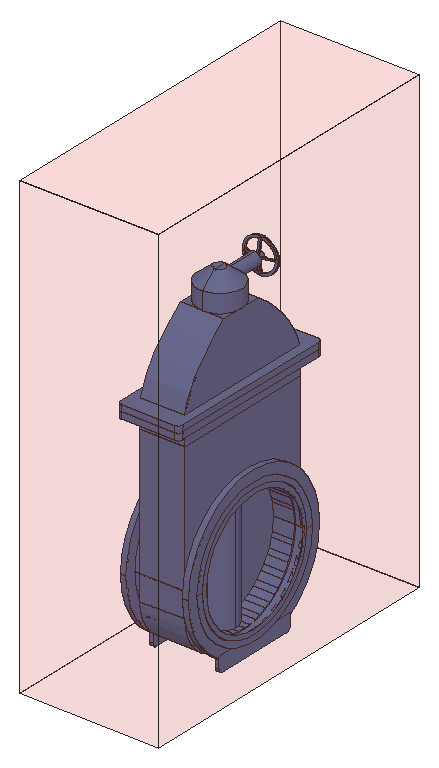
Revit family "Поли-Групп_ЗадвижкаКлиноваяEAZ-EК-F4_DN1000-1200", category Арматура трубопроводов, Revit 2019
Family settings
  Размер круглого соединителя = Использовать диаметр
  Тип детали = Клапан - Вставляется
  На основе рабочей плоскости = Нет
  Всегда вертикально = Да
  При загрузке вырезать с полостями = Нет
  Общий = Нет
Parameters (values of type "Загрузите типоразмеры из каталог семейств")
  с = H1 - D * 0.5  # 0.5 mm
  Тип присоединения = "Фланцевое"  # constant formula
  Тип привода = "Редуктор"  # constant formula
  Температура рабочей среды = "0 до +70°С"  # constant formula
  ТВ = "Поли-Групп_ЗадвижкаКлиноваяEAZ-EК-F4_DN1000-1200"  # constant formula
  Срок службы = "50 лет"  # constant formula
  Сервисная зона_Вкл_Выкл [instance] = yes
  Разработчик = "https://3dbim.pro/"
  Рабочая среда = "Техническая вода, канализационные стоки, морская вода"  # constant formula
  Покрытие = "Высококачественное эпоксидное покрытие толщиной 300 мкм"  # constant formula
  Корпус_Глубина = A * 0.8  # 1300 mm
  R1 = R * 10  # 430 mm
  L1 = size_lookup(ТВ, "L1", 500 mm, DN, PN)  # 800 mm
  D1 = size_lookup(ТВ, "D1", 340 mm, DN, PN)  # 1380 mm
  A = size_lookup(ТВ, "A", 340 mm, DN, PN)  # 1625 mm
  l3 = L * 0.9  # 567 mm
  Назначение = "Для установки в качестве запорного устройства на трубопроводах"  # constant formula
  Материал уплотнителя = "PTFE"  # constant formula
  Материал Диска = "Высокопрочный чугун с шаровидным графитом (GGG-40)"  # constant formula
  d1 = DN / 4  # 300 mm
  Класс герметичности = "А по ГОСТ Р 9544-2015"  # constant formula
  Manufacturer = ""
  h2 = H2 * 0.6  # 1376.4 mm
  Габаритные размеры = size_lookup(ТВ, "Габаритные размеры", "нет данных", DN, PN)  # "1485х630х3037"
  t = h2 * 0.1  # 137.64 mm
  l2 = L * 0.65  # 409.5 mm
  l1 = L * 0.6  # 378 mm
  b = size_lookup(ТВ, "b", 20 mm, DN, PN)  # 57 mm
  PN = 10.0 bar
  H1 = size_lookup(ТВ, "H1", 40 mm, DN, PN)  # 743 mm
  D2 = size_lookup(ТВ, "D2", 295 mm, DN, PN)  # 1112 mm
  f = size_lookup(ТВ, "f", 3 mm, DN, PN)  # 5 mm
  URL = ""
  R = size_lookup(ТВ, "R", 40 mm, DN, PN)  # 43 mm
  L = size_lookup(ТВ, "L", 500 mm, DN, PN)  # 630 mm
  Kv = size_lookup(ТВ, "Kv", 1.0 m³/h, DN, PN)  # 1.0 m³/h
  H2 = size_lookup(ТВ, "H2", 250 mm, DN, PN)  # 2294 mm
  D_Наружный = DN + 9 mm  # 1209 mm
  DN = 1200 mm
  D = size_lookup(ТВ, "D", 340 mm, DN, PN)  # 1485 mm
  ADSK_Расход жидкости [instance] = 0.0 m³/h
  ADSK_Примечание = ""
  ADSK_Потеря давления жидкости [instance] = (ADSK_Расход жидкости / Kv) ^ 2 * 1.0 bar  # 0.0 bar
  ADSK_Позиция = ""
  ADSK_Обозначение = ""
  ADSK_Наименование краткое = size_lookup(ТВ, "ADSK_Наименование краткое", "нет данных", DN, PN)  # "Задвижка клиновая EAZ EK F4 DN1200 PN10"
  ADSK_Наименование = size_lookup(ТВ, "ADSK_Наименование", "нет данных", DN, PN)  # "Задвижка с обрезиненным клином EAZ EK F4 для воды с мягким уплотнением фланцевая DN1200 PN10"
  ADSK_Материал наименование = "Высокопрочный чугун с шаровидным графитом (GGG-40)"  # constant formula
  ADSK_Материал = Высокопрочный чугун GGG-40
  ADSK_Масса_Текст = size_lookup(ТВ, "ADSK_Масса_Текст", "нет данных", DN, PN)  # "4660"
  ADSK_Масса = size_lookup(ТВ, "ADSK_Масса", 0, DN)  # 4660
  ADSK_Марка = size_lookup(ТВ, "ADSK_Код изделия", "нет данных", DN, PN)  # "EAZ-GV-4-F4 DN1200 PN10"
  ADSK_Количество = 1  # constant formula
  ADSK_Код изделия = ""
  ADSK_Завод-изготовитель = "ООО ПК «Поли-Групп»"  # constant formula
  ADSK_Единица измерения = "шт"  # constant formula
  ADSK_Версия Revit = "2019"  # constant formula
  ADSK_URL страницы изделия = "https://www.polycorr.ru/"
Reference planes
  plane 1 "По центру (Вперед/Назад)": y = 0
  plane 2: z = 0
  plane 3 "По центру (Влево/Вправо)": x = 0
  plane 4: y = 600
  plane 5: y = -600
  plane 6: x = -315
  plane 7: x = 315
  plane 8: x = -154
  plane 9: x = 154
  plane 10: y = 556
  plane 11: y = -556
  plane 12: y = 650
  plane 13: y = -650
  plane 14 "Корпус": z = 1376.4
  plane 15: z = 1319.4
  plane 16: z = 1181.76
  plane 17: x = -204.75
  plane 18: x = 204.75
  plane 19: x = -189
  plane 20: x = 189
  plane 21: y = 812.5
  plane 22: y = -812.5
  plane 23: x = 283.5
  plane 24: x = -283.5
  plane 25: y = 650
  plane 26: y = -650
  plane 27: x = -5
  plane 28: x = 5
  plane 29: z = 600
  plane 30: z = -600
  plane 31 "Штурвал": z = 2294
  plane 32: y = -400
  plane 33: y = 400
  plane 34: z = -743
Forms (mm)
  Revolve 1, solid, material "Высокопрочный чугун GGG-40" <- "ADSK_Материал", detail levels fine
    sketch origin (0, 0, 0) x (1, 0, 0) y (0, 1, 0)
      loop
        line (-315, 650) -> (-315, 0) -> (315, 0) -> (315, 650) -> (-315, 650)
      axis (-315, 0) -> (315, 0)
    angle from 0 to 360
  Extrusion 2, solid, material "Высокопрочный чугун GGG-40" <- "ADSK_Материал", detail levels fine
    sketch origin (-117.677, -1524, 1319.4) x (-1, 0, 0) y (0, -1, 0)
      loop
        arc (122.823, -2336.5) -> (153.228, -2323.906) -> (165.823, -2293.5) r 43
        line (165.823, -2293.5) -> (165.823, -754.5)
        arc (165.823, -754.5) -> (153.228, -724.094) -> (122.823, -711.5) r 43
        line (122.823, -711.5) -> (-358.177, -711.5)
        arc (-358.177, -711.5) -> (-388.583, -724.094) -> (-401.177, -754.5) r 43
        line (-401.177, -754.5) -> (-401.177, -2293.5)
        arc (-401.177, -2293.5) -> (-388.583, -2323.906) -> (-358.177, -2336.5) r 43
        line (-358.177, -2336.5) -> (122.823, -2336.5)
    from 0 to 57
  Extrusion 3, solid, material "Высокопрочный чугун GGG-40" <- "ADSK_Материал", detail levels fine
    sketch origin (-117.677, -1524, 1181.76) x (-1, 0, 0) y (0, -1, 0)
      loop
        line (87.073, -874) -> (-322.427, -874) -> (-322.427, -2174) -> (87.073, -2174) -> (87.073, -874)
    from 0 to 137.64
  Extrusion 4, void
    sketch origin (-154, 168.089, 1200) x (0, -1, 0) y (0, 0, 1)
      loop
        circle (168.089, -1200) r 600
    from 161 to -469
  Extrusion 5, solid, material "Высокопрочный чугун GGG-40" <- "ADSK_Материал", detail levels fine
    sketch origin (0, 0, 0) x (0, 1, 0) y (0, 0, 1)
      loop
        circle (0, 0) r 600
    from -5 to 5
  Extrusion 6, solid, material "Высокопрочный чугун GGG-40" <- "ADSK_Материал", detail levels fine
    sketch origin (0, 0, 0) x (1, 0, 0) y (0, 1, 0)
      loop
        circle (0, 0) r 150
    from -600 to 600
  Extrusion 7, solid, material "Высокопрочный чугун GGG-40" <- "ADSK_Материал", detail levels fine
    sketch origin (0, 0, 0) x (0, 1, 0) y (0, 0, 1)
      loop
        line (-650, 1181.76) -> (-650, -225)
        arc (-650, -225) -> (-524.056, -529.056) -> (-220, -655) r 430
        line (-220, -655) -> (220, -655)
        arc (220, -655) -> (524.056, -529.056) -> (650, -225) r 430
        line (650, -225) -> (650, 1181.76) -> (-650, 1181.76)
    from -204.75 to 204.75
  Extrusion 8, solid, material "Высокопрочный чугун GGG-40" <- "ADSK_Материал", detail levels fine
    sketch origin (0, 0, 0) x (0, 1, 0) y (0, 0, 1)
      loop
        arc (360, -743) -> (388.284, -731.284) -> (400, -703) r 40
        line (400, -703) -> (400, -600) -> (-400, -600) -> (-400, -703)
        arc (-400, -703) -> (-388.284, -731.284) -> (-360, -743) r 40
        line (-360, -743) -> (360, -743)
    from 315 to 283.5
  Extrusion 9, solid, material "Высокопрочный чугун GGG-40" <- "ADSK_Материал", detail levels fine
    sketch origin (0, 0, 0) x (0, 1, 0) y (0, 0, 1)
      loop
        line (-400, -600) -> (-400, -703)
        arc (-400, -703) -> (-388.284, -731.284) -> (-360, -743) r 40
        line (-360, -743) -> (360, -743)
        arc (360, -743) -> (388.284, -731.284) -> (400, -703) r 40
        line (400, -703) -> (400, -600) -> (-400, -600)
    from -283.5 to -315
Cuts and joins
  Extrusion 4 cuts Revolve 1
  Extrusion 4 cuts Extrusion 7
Dimensions and locks
  equal spacing: plane 4, plane 1 "По центру (Вперед/Назад)", plane 5
  "DN": plane 4 to plane 5
  equal spacing: plane 10, plane 1 "По центру (Вперед/Назад)", plane 11
  "D2": plane 10 to plane 11
  equal spacing: plane 12, plane 1 "По центру (Вперед/Назад)", plane 13
  "Корпус_Глубина": plane 12 to plane 13
  "b": plane 14 "Корпус" to plane 15
  "h2": plane 14 "Корпус" to plane 2
  equal spacing: plane 19, plane 3 "По центру (Влево/Вправо)", plane 20
  "l1": plane 19 to plane 20
  equal spacing: plane 17, plane 3 "По центру (Влево/Вправо)", plane 18
  "l2": plane 17 to plane 18
  equal spacing: plane 21, plane 1 "По центру (Вперед/Назад)", plane 22
  "A": plane 21 to plane 22
  equal spacing: plane 24, plane 3 "По центру (Влево/Вправо)", plane 23
  "l3": plane 24 to plane 23
  "Корпус_Глубина": plane 25 to plane 26
  equal spacing: plane 26, plane 1 "По центру (Вперед/Назад)", plane 25
  equal spacing: plane 28, plane 3 "По центру (Влево/Вправо)", plane 27
  locked: plane 28 to plane 3 "По центру (Влево/Вправо)" at 5
  "t": plane 15 to plane 16
  equal spacing: plane 29, level, plane 30
  "DN": plane 29 to plane 30
  "H2": plane 31 "Штурвал" to level
  equal spacing: plane 6, nested 3, plane 7
  "L": plane 6 to plane 7
  equal spacing: plane 6, plane 3 "По центру (Влево/Вправо)", plane 7
  equal spacing: plane 32, plane 1 "По центру (Вперед/Назад)", plane 33
  "L1": plane 32 to plane 33
  "H1": level to plane 34
  "R": radius of Extrusion 2 sketch curve  (x4)
  "DN": diameter of Extrusion 4 sketch curve
  "DN": diameter of Extrusion 5 sketch curve
  "d1": diameter of Extrusion 6 sketch curve
  "R1": radius of Extrusion 7 sketch curve  (x2)
  radius of Extrusion 8 sketch curve = 40 mm  (x2)
  radius of Extrusion 9 sketch curve = 40 mm  (x2)
  aligned and locked: level to plane 2
  aligned and locked: Revolve 1 sketch curve to plane 12
  aligned and locked: plane 1 "По центру (Вперед/Назад)" to Revolve 1 sketch curve
  aligned and locked: Extrusion 2 sketch curve to plane 21
  aligned and locked: Extrusion 2 sketch curve to plane 24
  aligned and locked: Extrusion 2 sketch curve to plane 22
  aligned and locked: Extrusion 2 sketch curve to plane 23
  aligned and locked: plane 14 "Корпус" to Extrusion 2
  aligned and locked: plane 26 to Extrusion 3 sketch curve
  aligned and locked: Extrusion 3 sketch curve to plane 17
  aligned and locked: Extrusion 3 sketch curve to plane 25
  aligned and locked: Extrusion 3 sketch curve to plane 18
  aligned and locked: Revolve 1 sketch curve to plane 1 "По центру (Вперед/Назад)"
  aligned and locked: nested 1 to plane 1 "По центру (Вперед/Назад)"
  aligned and locked: plane 1 "По центру (Вперед/Назад)" to nested 2
  aligned and locked: Extrusion 5 to plane 27
  aligned and locked: Extrusion 5 to plane 28
  aligned and locked: Extrusion 3 to plane 15
  aligned and locked: Extrusion 6 to plane 30
  aligned and locked: plane 29 to Extrusion 6
  aligned and locked: plane 1 "По центру (Вперед/Назад)" to nested 3
  aligned and locked: plane 7 to nested 2
  aligned and locked: Revolve 1 sketch curve to plane 7
  aligned and locked: cut or joined group of Revolve 1, Extrusion 4 to plane 6
  aligned and locked: Extrusion 4 to plane 6
  aligned and locked: plane 7 to Extrusion 4
  aligned and locked: nested 1 to plane 6
  aligned and locked: plane 3 "По центру (Влево/Вправо)" to nested 4
  aligned and locked: plane 1 "По центру (Вперед/Назад)" to nested 4
  aligned and locked: nested 4 to level
  aligned and locked: plane 3 "По центру (Влево/Вправо)" to nested 5
  aligned and locked: nested 5 to level
  aligned and locked: plane 3 "По центру (Влево/Вправо)" to nested 6
  aligned and locked: Extrusion 7 sketch curve to Extrusion 3  (x2)
  aligned and locked: Extrusion 7 sketch curve to plane 12
  aligned and locked: Extrusion 7 to plane 17
  aligned and locked: Extrusion 7 to plane 18
  aligned and locked: plane 34 to Extrusion 8 sketch curve
  aligned and locked: plane 32 to Extrusion 8 sketch curve
  aligned and locked: Extrusion 8 sketch curve to plane 33
  aligned and locked: Extrusion 8 sketch curve to Extrusion 6
  aligned and locked: Extrusion 9 sketch curve to plane 30
  aligned and locked: plane 32 to Extrusion 9 sketch curve
  aligned and locked: plane 34 to Extrusion 9 sketch curve
  aligned and locked: plane 33 to Extrusion 9 sketch curve
  aligned and locked: Extrusion 8 to plane 23
  aligned and locked: Extrusion 9 to plane 24
  aligned and locked: Extrusion 9 to plane 6
  aligned and locked: plane 7 to Extrusion 8
Automatic sketch dimensions
  Revolve 1 sketch curve to plane 6 = 14 mm
  Revolve 1 sketch curve to plane 7 = 5 mm
  Revolve 1 sketch curve to plane 6 = 0 mm
  Extrusion 8 sketch curve to plane 30 = 0 mm
  Extrusion 4 sketch curve to level = 0 mm
  Extrusion 4 sketch curve to plane 1 "По центру (Вперед/Назад)" = 0 mm
  Extrusion 5 sketch curve to level = 0 mm
  Extrusion 5 sketch curve to plane 1 "По центру (Вперед/Назад)" = 0 mm
  plane 1 "По центру (Вперед/Назад)" to Extrusion 6 sketch curve = 0 mm
  Extrusion 6 sketch curve to plane 3 "По центру (Влево/Вправо)" = 0 mm
  Extrusion 7 sketch curve to level = 225 mm
Nested families
  nested 1: "Вл_Фланец" at (-258, 0, 0) x (-1, 0, 0) z (0, 0, 1), type "Вл_Фланец", detail levels fine
    with D2 1112 mm, D 1485 mm, b 57 mm, DN 1200 mm
  nested 2: "Вл_Фланец" at (258, 0, 0), type "Вл_Фланец", detail levels fine
    with D2 1112 mm, D 1485 mm, b 57 mm, DN 1200 mm
  nested 3: "Вл_КрышкаКорпусаРедукторEAZ-EK" at (0, 0, 1376.4), type "Вл_КрышкаКорпусаРедукторEAZ-EK", detail levels fine
    with Редуктор_Длина 396.9 mm, Редуктор_Высота 114.7 mm, Крышка_Ширина 396.9 mm, Крышка_Глубина 1300 mm, Редуктор_Вал_r1 198.45 mm, l3 567 mm, h2 1376.4 mm, A 1625 mm, Крышка_Высота 642.32 mm, КрышкаКорпуса_Высота 802.9 mm, Верх_Глубина 23.814 mm, b 57 mm, R 43 mm, L 630 mm, H2 2294 mm, Редуктор_Вал_r2 119.07 mm, DN 1200 mm, D 1485 mm
  nested 4: "УГО_АТ_Задвижка" at (-0.685, 0, 0) x (1, 0, 0) z (0, -1, 0), type "УГО_АТ_Задвижка", detail levels coarse+medium
    with УГО_Длина 630 mm, b 181.865 mm
  nested 5: "УГО_ЭУ_Задвижка" at (0, 0, 0) x (1, 0, 0) z (0, -1, 0), type "УГО_ЭУ_Задвижка", detail levels coarse+medium
    with УГО_Длина 630 mm, b 181.865 mm
  nested 6: "Вл_СервиснаяЗона" at (0, 0, -19.073), visible <- "Сервисная зона_Вкл_Выкл", ВысотаНадОсью <- "H2", ВысотаПодОсью <- "H1", Длина <- "L", ДиаметрФланца <- "D", type "Вл_СервиснаяЗона", detail levels fine
    with СЗ_ШиринаНазад 1485 mm, СЗ_ШиринаВперед 1485 mm, СЗ_Длина 1260 mm, СЗ_ВысотаПодОсью 743 mm, СЗ_ВысотаНадОсью 3441 mm, Длина 630 mm, ДиаметрФланца 1485 mm, ВысотаПодОсью 743 mm, ВысотаНадОсью 2294 mm, on_off yes
Connectors
  piping at (315, 0, 0), diameter 1200, driven by "DN", driven by "ADSK_Расход жидкости"
    settings: on cut or joined group of Revolve 1, Extrusion 4, index 1, connector inside diameter 609.6 mm, connector length 0 mm, flow factor 0, pipe flow 0.0 m³/h, pressure drop 0.0 bar, fitting loss kfactor 0, connector angle 0.00°, fixture units 0, engagement length 0 mm, angle of deflection 0.00°, flow configuration 0, flow direction 0, fitting loss method 0, system type 29, joint type 0, gender type 0, connector reference index 2, connector utility 0, adjustable connector no, is connector primary yes, connector description ""
  piping at (-315, 0, 0), diameter 1200, driven by "DN", driven by "ADSK_Расход жидкости", driven by "ADSK_Потеря давления жидкости"
    settings: on cut or joined group of Revolve 1, Extrusion 4, index 2, connector inside diameter 609.6 mm, connector length 0 mm, flow factor 0, pipe flow 0.0 m³/h, pressure drop 0.0 bar, fitting loss kfactor 0, connector angle 0.00°, fixture units 0, engagement length 0 mm, angle of deflection 0.00°, flow configuration 0, flow direction 0, fitting loss method 4, system type 29, joint type 0, gender type 0, connector reference index 1, connector utility 0, adjustable connector no, is connector primary no, connector description ""
Definition of nested family "Вл_Фланец"
  Parameters (values of type "Вл_Фланец")
    Материал = none
    Manufacturer = ""
    D2 = 682 mm
    f = 5 mm
    URL = ""
    D = 780 mm
    b = 36 mm
    DN = 600 mm
  Reference planes
    plane 1 "По центру (Вперед/Назад)": y = 0
    plane 2: z = 0
    plane 3 "По центру (Влево/Вправо)": x = 0
    plane 4: x = 31
    plane 5: x = 36
  Forms (mm)
    Extrusion 1, solid, material <- "Материал"
      sketch origin (0, 0, 0) x (0, 1, 0) y (0, 0, 1)
        loop
          circle (0, 1.343) r 390
        loop
          circle (0, 0) r 300
      from 0 to 31
    Extrusion 2, solid, material <- "Материал"
      sketch origin (31, 232.183, 1200) x (0, 1, 0) y (0, 0, 1)
        loop
          circle (-232.183, -1200) r 341
        loop
          circle (-232.183, -1200) r 300
      from 0 to 5
  Dimensions and locks
    "f": plane 4 to plane 5
    "b": plane 3 "По центру (Влево/Вправо)" to plane 5
    "D": diameter of Extrusion 1 sketch curve
    "DN": diameter of Extrusion 1 sketch curve
    "DN": diameter of Extrusion 2 sketch curve
    "D2": diameter of Extrusion 2 sketch curve
    aligned and locked: level to plane 2
    aligned and locked: Extrusion 1 to plane 4
    aligned and locked: Extrusion 2 to plane 5
  Automatic sketch dimensions
    Extrusion 1 sketch curve to level = 0 mm
    Extrusion 1 sketch curve to plane 1 "По центру (Вперед/Назад)" = 0 mm  (x2)
    level to Extrusion 1 sketch curve = 1.343 mm
    Extrusion 2 sketch curve to Extrusion 2 sketch curve = 0 mm  (x2)
    Extrusion 2 sketch curve to level = 0 mm
    Extrusion 2 sketch curve to plane 1 "По центру (Вперед/Назад)" = 0 mm
Definition of nested family "Вл_КрышкаКорпусаРедукторEAZ-EK"
  Parameters (values of type "Вл_КрышкаКорпусаРедукторEAZ-EK")
    Штурвал_Высота = DO * 0.25  # 80 mm
    Редуктор_Длина = Редуктор_Вал_r1 * 2  # 346.5 mm
    Редуктор_Высота = H2 * 0.05  # 91.25 mm
    Крышка_Ширина = l3 * 0.7  # 346.5 mm
    Крышка_Глубина = A * 0.8  # 1174.4 mm
    ТВ = "Поли-Групп_ЗадвижкаКлиноваяEAZ-EК-F4_DN1000-1200"  # constant formula
    Редуктор_Вал_r1 = Крышка_Ширина * 0.5  # 173.25 mm
    l3 = L * 0.9  # 495 mm
    Default Elevation = 1219.2 mm
    Материал = none
    h2 = 1095 mm
    Manufacturer = ""
    PN = 10.0 bar
    A = size_lookup(ТВ, "A", 500 mm, DN, PN)  # 1468 mm
    Крышка_Высота = КрышкаКорпуса_Высота * 0.8  # 511 mm
    КрышкаКорпуса_Высота = H2 - h2 - Редуктор_Высота  # 638.75 mm
    Верх_Глубина = Редуктор_Вал_r2 / 5  # 20.79 mm
    b = size_lookup(ТВ, "b", 20 mm, DN, PN)  # 50 mm
    URL = ""
    R = size_lookup(ТВ, "R", 40 mm, DN, PN)  # 39 mm
    L = size_lookup(ТВ, "L", 500 mm, DN, PN)  # 550 mm
    H2 = size_lookup(ТВ, "H2", 250 mm, DN, PN)  # 1825 mm
    Редуктор_Вал_r2 = Крышка_Ширина * 0.3  # 103.95 mm
    DO = 320 mm  # constant formula
    DN = 1000 mm
    D = size_lookup(ТВ, "D", 340 mm, DN, PN)  # 1255 mm
  Reference planes
    plane 1 "По центру (Вперед/Назад)": y = 0
    plane 2: z = 0
    plane 3 "По центру (Влево/Вправо)": x = 0
    plane 4: y = 734
    plane 5: y = -734
    plane 6: x = 247.5
    plane 7: x = -247.5
    plane 8: z = 50
    plane 9: x = 46.6
    plane 10: x = -46.6
    plane 11: y = 64.5
    plane 12 "1": y = -55
    plane 13: z = 511
    plane 14 "ШляпаНиз2": y = 587.2
    plane 15 "ШляпаНиз1": y = -587.2
    plane 16: x = 173.25
    plane 17: x = -173.25
    plane 18: x = 51.975
    plane 19: x = -51.975
    plane 20: y = 173.25
    plane 21: y = -173.25
    plane 22: z = 638.75
    plane 23: z = 255.5
    plane 24: z = 119.481
    plane 25 "Штурвал2": z = 730
    plane 26 "Штурвал": y = 346.5
    plane 27: z = 684.375
  Forms (mm)
    Extrusion 1, solid, material <- "Материал"
      sketch origin (0, 0, 0) x (1, 0, 0) y (0, 1, 0)
        loop
          arc (-208.5, 734) -> (-236.077, 722.577) -> (-247.5, 695) r 39
          line (-247.5, 695) -> (-247.5, -695)
          arc (-247.5, -695) -> (-236.077, -722.577) -> (-208.5, -734) r 39
          line (-208.5, -734) -> (208.5, -734)
          arc (208.5, -734) -> (236.077, -722.577) -> (247.5, -695) r 39
          line (247.5, -695) -> (247.5, 695)
          arc (247.5, 695) -> (236.077, 722.577) -> (208.5, 734) r 39
          line (208.5, 734) -> (-208.5, 734)
      from 0 to 50
    Extrusion 2, solid, material <- "Материал"
      sketch origin (0, 0, 0) x (0, 1, 0) y (0, 0, 1)
        loop
          spline (-173.25, 511) -> (-226.966, 475.224) -> (-277.187, 438.968) -> (-323.914, 402.232) -> (-367.146, 365.016) -> (-406.884, 327.319) -> (-443.127, 289.143) -> (-475.876, 250.486) -> (-505.13, 211.349) -> (-530.889, 171.732) -> (-553.154, 131.635) -> (-571.924, 91.057) -> (-587.2, 50)
          line (-587.2, 50) -> (587.2, 50)
          spline (587.2, 50) -> (571.924, 91.057) -> (553.154, 131.635) -> (530.889, 171.732) -> (505.13, 211.349) -> (475.876, 250.486) -> (443.127, 289.143) -> (406.884, 327.319) -> (367.146, 365.016) -> (323.914, 402.232) -> (277.187, 438.968) -> (226.966, 475.224) -> (173.25, 511)
          line (173.25, 511) -> (-173.25, 511)
      from -173.25 to 173.25
    Revolve 3, solid, material <- "Материал"
      sketch origin (0, 0, 0) x (0, 1, 0) y (0, 0, 1)
        loop
          line (-173.25, 511) -> (0, 511) -> (0, 730) -> (-55, 730) -> (-173.25, 638.75) -> (-173.25, 511)
        axis (0, 511) -> (0, 730)
      angle from 0 to 360
    Revolve 4, solid, material <- "Материал"
      sketch origin (0, 0, 0) x (0, 1, 0) y (0, 0, 1)
        loop
          line (0, 638.75) -> (346.5, 638.75) -> (346.5, 684.375) -> (0, 684.375) -> (0, 638.75)
        axis (346.5, 638.75) -> (0, 638.75)
      angle from 0 to 360
  Dimensions and locks
    equal spacing: plane 7, plane 3 "По центру (Влево/Вправо)", plane 6
    "l3": plane 7 to plane 6
    equal spacing: plane 4, plane 1 "По центру (Вперед/Назад)", plane 5
    "A": plane 4 to plane 5
    "b": plane 8 to plane 2
    "Крышка_Высота": plane 13 to plane 2
    equal spacing: plane 17, plane 3 "По центру (Влево/Вправо)", plane 16
    "Крышка_Ширина": plane 17 to plane 16
    equal spacing: plane 14 "ШляпаНиз2", plane 1 "По центру (Вперед/Назад)", plane 15 "ШляпаНиз1"
    "Крышка_Глубина": plane 14 "ШляпаНиз2" to plane 15 "ШляпаНиз1"
    equal spacing: plane 20, plane 1 "По центру (Вперед/Назад)", plane 21
    equal spacing: plane 19, plane 3 "По центру (Влево/Вправо)", plane 18
    "Крышка_Ширина": plane 20 to plane 21
    "Редуктор_Вал_r2": plane 19 to plane 18
    "КрышкаКорпуса_Высота": plane 22 to plane 2
    "Редуктор_Высота": plane 25 "Штурвал2" to plane 22
    equal spacing: plane 13, plane 23, level
    "Редуктор_Длина": plane 1 "По центру (Вперед/Назад)" to plane 26 "Штурвал"
    equal spacing: plane 25 "Штурвал2", plane 27, plane 22
    "R": radius of Extrusion 1 sketch curve  (x4)
    aligned and locked: level to plane 2
    aligned and locked: Extrusion 1 sketch curve to plane 4
    aligned and locked: plane 7 to Extrusion 1 sketch curve
    aligned and locked: plane 5 to Extrusion 1 sketch curve
    aligned and locked: Extrusion 1 sketch curve to plane 6
    aligned and locked: Extrusion 1 to plane 8
    aligned and locked: Extrusion 2 sketch curve to plane 13
    aligned and locked: plane 14 "ШляпаНиз2" to Extrusion 2 sketch curve
    aligned and locked: plane 15 "ШляпаНиз1" to Extrusion 2 sketch curve
    aligned and locked: Extrusion 2 to plane 8
    aligned and locked: plane 17 to Extrusion 2
    aligned and locked: plane 16 to Extrusion 2
    aligned and locked: plane 21 to Extrusion 2 sketch curve
    aligned and locked: plane 20 to Extrusion 2 sketch curve
    aligned and locked: plane 13 to Extrusion 2 sketch curve
    aligned and locked: Revolve 3 sketch curve to plane 1 "По центру (Вперед/Назад)"  (x2)
    aligned and locked: plane 25 "Штурвал2" to Revolve 3 sketch curve
    aligned and locked: plane 21 to Revolve 3 sketch curve  (x2)
    aligned and locked: plane 22 to Revolve 3 sketch curve
    aligned and locked: plane 12 "1" to Revolve 3 sketch curve
    aligned and locked: plane 22 to Revolve 4 sketch curve
    aligned and locked: Revolve 4 sketch curve to Revolve 3
    aligned and locked: plane 1 "По центру (Вперед/Назад)" to Revolve 4 sketch curve
    aligned and locked: Revolve 4 sketch curve to plane 26 "Штурвал"
    aligned and locked: plane 26 "Штурвал" to Revolve 4 sketch curve
    aligned and locked: plane 27 to Revolve 4 sketch curve
    aligned and locked: nested 1 to plane 26 "Штурвал"
    aligned and locked: plane 22 to nested 1
  Automatic sketch dimensions
    Extrusion 2 sketch curve to plane 8 = 0 mm
    Revolve 3 sketch curve to plane 13 = 0 mm
    Revolve 3 sketch curve to Revolve 3 sketch curve = 120 mm
    Revolve 3 sketch curve to Revolve 3 sketch curve = 155.98 mm
    plane 21 to Revolve 4 sketch curve = 45.45 mm
    Revolve 4 sketch curve to plane 14 "ШляпаНиз2" = 115 mm
  Nested families
    nested 1: "Вл_Штурвал" at (0, 346.5, 638.75) x (1, 0, 0) z (0, 1, 0), type "Вл_Штурвал"
  Definition of nested family "Вл_Штурвал"
    Parameters (values of type "Вл_Штурвал")
      Штурвал_Осьd = DO - Штурвал_КольцоШирина  # 300.8 mm
      Штурвал_Высота = DO * 0.25  # 80 mm
      Штурвал_КольцоШирина = DO * 0.06  # 19.2 mm
      Держалка_Ширина/2 = Держалка_Ширина * 0.5  # 8 mm
      Держалка_Ширина = Штурвал_КольцоШирина / 1.2  # 16 mm
      Держалка_d = Штурвал_Осьd - Штурвал_КольцоШирина * 1.5  # 272 mm
      Держалка_Отступ = Штурвал_Стойка_D * 0.1  # 3.2 mm
      Default Elevation = 1219.2 mm
      Материал_Штурвал = none
      Manufacturer = ""
      Штурвал_ВнКольцоВысота = Штурвал_ВнКольцо_r * 1.2  # 38.4 mm
      Штурвал_ВнВысота = Штурвал_Высота * 0.65  # 52 mm
      DO = 320 mm
      URL = ""
      Штурвал_Скруглений_r = Штурвал_КольцоШирина * 0.33  # 6.336 mm
      Штурвал_ВнКольцо_r = DO * 0.1  # 32 mm
      Штурвал_Стойка_D = Штурвал_Высота * 0.4  # 32 mm
      D_Гайка = Штурвал_ВнКольцо_r / 1.5  # 21.333 mm
      DN = 300 mm
    Reference planes
      plane 1 "По центру (Вперед/Назад)": y = 0
      plane 2: z = 0
      plane 3 "По центру (Влево/Вправо)": x = 0
      plane 4: x = 160
      plane 5: x = -160
      plane 6: y = 160
      plane 7: y = -160
      plane 8: z = 80
      plane 9: z = 60.8
      plane 10: x = 140.8
      plane 11: z = 66.4
      plane 12: z = 68.8
      plane 13: z = 28
      plane 14: x = 32
      plane 15: z = 31.2
    Forms (mm)
      Revolve 1, solid
        sketch origin (0, 0, 0) x (1, 0, 0) y (0, 0, 1)
          loop
            arc (147.136, 80) -> (142.656, 78.144) -> (140.8, 73.664) r 6.336
            line (140.8, 73.664) -> (140.8, 60.8) -> (160, 60.8) -> (160, 73.664)
            arc (160, 73.664) -> (158.144, 78.144) -> (153.664, 80) r 6.336
            line (153.664, 80) -> (147.136, 80)
          axis (0, 80) -> (0, 60.8)
        angle from 0 to 360
      Revolve 2, solid
        sketch origin (0, 0, 0) x (1, 0, 0) y (0, 0, 1)
          loop
            line (0, 66.4) -> (0, 28) -> (32, 28) -> (32, 66.4) -> (0, 66.4)
          axis (0, 66.4) -> (0, 28)
        angle from 0 to 360
      Extrusion 3, solid
        sketch origin (-128.236, -1524, 257.2) x (-1, 0, 0) y (0, -1, 0)
          loop
            circle (-128.236, -1524) r 16
        from -229.2 to -257.2
      Sweep 4, solid
        path in 3D
          loop
            line (0, 7.5, 31.2) -> (0, 145, 60.8) -> (0, 154, 60.8)
        profile "Вл_ПрофильШтурвала : Вл_ПрофильШтурвала" origin (0, 149.5, 60.8) x (0, 0, 1) y (1, 0, 0)
          loop
            arc (16, 2.667) -> (14.438, 6.438) -> (10.667, 8) r 5.333
            line (10.667, 8) -> (0, 8) -> (0, -8) -> (10.667, -8)
            arc (10.667, -8) -> (14.438, -6.438) -> (16, -2.667) r 5.333
            line (16, -2.667) -> (16, 2.667)
      Sweep 5, solid
        path in 3D
          loop
            line (-7.5, 0, 31.2) -> (-145, 0, 60.8) -> (-154, 0, 60.8)
        profile "Вл_ПрофильШтурвала : Вл_ПрофильШтурвала" origin (-149.5, 0, 60.8) x (0, 0, -1) y (0, -1, 0)
          loop
            arc (-16, -2.667) -> (-14.438, -6.438) -> (-10.667, -8) r 5.333
            line (-10.667, -8) -> (0, -8) -> (0, 8) -> (-10.667, 8)
            arc (-10.667, 8) -> (-14.438, 6.438) -> (-16, 2.667) r 5.333
            line (-16, 2.667) -> (-16, -2.667)
      Sweep 6, solid
        path in 3D
          loop
            line (0, -7.5, 31.2) -> (0, -145, 60.8) -> (0, -154, 60.8)
        profile "Вл_ПрофильШтурвала : Вл_ПрофильШтурвала" origin (0, -149.5, 60.8) x (0, 0, -1) y (1, 0, 0)
          loop
            arc (-16, -2.667) -> (-14.438, -6.438) -> (-10.667, -8) r 5.333
            line (-10.667, -8) -> (0, -8) -> (0, 8) -> (-10.667, 8)
            arc (-10.667, 8) -> (-14.438, 6.438) -> (-16, 2.667) r 5.333
            line (-16, 2.667) -> (-16, -2.667)
      Sweep 7, solid
        path in 3D
          loop
            line (7.5, 0, 31.2) -> (137.8, 0, 60.8) -> (154, 0, 60.8)
        profile "Вл_ПрофильШтурвала : Вл_ПрофильШтурвала" origin (145.9, 0, 60.8) x (0, 0, 1) y (0, -1, 0)
          loop
            arc (16, 2.667) -> (14.438, 6.438) -> (10.667, 8) r 5.333
            line (10.667, 8) -> (0, 8) -> (0, -8) -> (10.667, -8)
            arc (10.667, -8) -> (14.438, -6.438) -> (16, -2.667) r 5.333
            line (16, -2.667) -> (16, 2.667)
    Cuts and joins
      joined: Revolve 1, Revolve 2, Sweep 4, Sweep 5, Sweep 6, Sweep 7
    Lines and regions (mm)
      reference lines
        curve 1: circle (0, 0, 60.8) r 150.4 normal (0, 0, 1)
        curve 2: circle (0, 0, 31.2) r 16 normal (0, 0, 1)
        curve 3: circle (0, 0, 60.8) r 136 normal (0, 0, 1)
        curve 4: line (-7.5, 0, 31.2) -> (-145, 0, 60.8)
        curve 5: line (-145, 0, 60.8) -> (-154, 0, 60.8)
        curve 6: line (7.5, 0, 31.2) -> (137.8, 0, 60.8)
        curve 7: line (137.8, 0, 60.8) -> (154, 0, 60.8)
        curve 8: line (0, 7.5, 31.2) -> (0, 145, 60.8)
        curve 9: line (0, 145, 60.8) -> (0, 154, 60.8)
        curve 10: line (0, -7.5, 31.2) -> (0, -145, 60.8)
        curve 11: line (0, -145, 60.8) -> (0, -154, 60.8)
      sketch lines
        curve 12: line (0, 145, 60.8) -> (0, 154, 60.8)
        curve 13: line (0, 7.5, 31.2) -> (0, 145, 60.8)
        curve 14: line (-145, 0, 60.8) -> (-154, 0, 60.8)
        curve 15: line (-7.5, 0, 31.2) -> (-145, 0, 60.8)
        curve 16: line (0, -145, 60.8) -> (0, -154, 60.8)
        curve 17: line (0, -7.5, 31.2) -> (0, -145, 60.8)
        curve 18: line (137.8, 0, 60.8) -> (154, 0, 60.8)
        curve 19: line (7.5, 0, 31.2) -> (137.8, 0, 60.8)
    Dimensions and locks
      equal spacing: plane 6, plane 1 "По центру (Вперед/Назад)", plane 7
      "DO": plane 6 to plane 7
      equal spacing: plane 5, plane 3 "По центру (Влево/Вправо)", plane 4
      "DO": plane 5 to plane 4
      "Штурвал_КольцоШирина": plane 8 to plane 9
      "Штурвал_КольцоШирина": plane 4 to plane 10
      "Штурвал_ВнКольцоВысота": plane 11 to plane 13
      "Штурвал_ВнКольцо_r": plane 14 to plane 3 "По центру (Влево/Вправо)"
      "Держалка_Ширина/2": plane 12 to plane 9
      "Штурвал_ВнВысота": plane 8 to plane 13
      "Держалка_Отступ": plane 15 to plane 13
      "Штурвал_Высота": plane 8 to level
      "Штурвал_Стойка_D": diameter of Extrusion 3 sketch curve
      "Штурвал_Осьd": diameter of curve 1
      "Штурвал_ВнКольцо_r": diameter of curve 2
      "Штурвал_Скруглений_r": radius of Revolve 1 sketch curve  (x2)
      "Держалка_d": diameter of curve 3
      aligned and locked: level to plane 2
      aligned and locked: Revolve 1 sketch curve to plane 8
      aligned and locked: plane 10 to Revolve 1 sketch curve
      aligned and locked: plane 9 to Revolve 1 sketch curve
      aligned and locked: Revolve 1 sketch curve to plane 4
      aligned and locked: Revolve 1 sketch curve to plane 3 "По центру (Влево/Вправо)"
      aligned and locked: Revolve 2 sketch curve to plane 11
      aligned and locked: plane 3 "По центру (Влево/Вправо)" to Revolve 2 sketch curve
      aligned and locked: plane 13 to Revolve 2 sketch curve
      aligned and locked: Revolve 2 sketch curve to plane 14
      aligned and locked: Revolve 2 sketch curve to plane 3 "По центру (Влево/Вправо)"
      aligned and locked: curve 2 to curve 4
      aligned and locked: curve 4 to curve 3
      aligned and locked: curve 5 to curve 1
      aligned and locked: curve 2 to curve 6
      aligned and locked: curve 3 to curve 6
      aligned and locked: curve 1 to curve 7
      aligned and locked: curve 2 to curve 8
      aligned and locked: curve 3 to curve 8
      aligned and locked: curve 1 to curve 9
      aligned and locked: curve 2 to curve 10
      aligned and locked: curve 10 to curve 3
      aligned and locked: curve 11 to curve 1
      aligned and locked: Extrusion 3 to level
      aligned and locked: plane 13 to Extrusion 3
    Automatic sketch dimensions
      Revolve 2 sketch curve to plane 13 = 0 mm
      Revolve 2 sketch curve to Revolve 2 sketch curve = 70 mm
      plane 8 to Revolve 2 sketch curve = 40 mm
      plane 5 to curve 5 = 15 mm
      plane 5 to curve 5 = 6 mm
      curve 4 to plane 3 "По центру (Влево/Вправо)" = 7.5 mm
      plane 3 "По центру (Влево/Вправо)" to curve 6 = 7.5 mm
      curve 7 to plane 10 = 3 mm
      curve 7 to plane 4 = 6 mm
      curve 9 to plane 6 = 15 mm
      curve 8 to plane 1 "По центру (Вперед/Назад)" = 7.5 mm
      plane 1 "По центру (Вперед/Назад)" to curve 10 = 7.5 mm
      plane 7 to curve 11 = 15 mm
      plane 7 to curve 11 = 6 mm
      curve 9 to plane 6 = 6 mm
      plane 8 to Revolve 1 sketch curve = 4.2 mm
      Revolve 1 sketch curve to Revolve 1 sketch curve = 155.8 mm
      plane 1 "По центру (Вперед/Назад)" to Extrusion 3 sketch curve = 0 mm
      Extrusion 3 sketch curve to plane 3 "По центру (Влево/Вправо)" = 0 mm
      plane 1 "По центру (Вперед/Назад)" to curve 2 = 0 mm
      curve 2 to plane 3 "По центру (Влево/Вправо)" = 0 mm
      curve 1 to curve 3 = 0 mm  (x2)
      plane 1 "По центру (Вперед/Назад)" to curve 3 = 0 mm
      curve 3 to plane 3 "По центру (Влево/Вправо)" = 0 mm
Definition of nested family "УГО_АТ_Задвижка"
  Parameters (values of type "УГО_АТ_Задвижка")
    УГО_Длина = 210 mm
    b = (УГО_Длина / 2) * tan(30.00°)  # 60.622 mm
  Reference planes
    plane 1 "По центру (Вперед/Назад)": y = 0
    plane 2: z = 0
    plane 3 "По центру (Влево/Вправо)": x = 0.685
    plane 4: z = 60.622
    plane 5: z = -60.622
    plane 6: x = -104.315
    plane 7: x = 105.685
  Forms (mm)
    Extrusion 1, solid
      sketch origin (0, 0, 0) x (1, 0, 0) y (0, 0, 1)
        loop
          line (0.685, 0) -> (-104.315, 60.622) -> (-104.315, -60.622) -> (0.685, 0)
      from -1 to 1
    Extrusion 2, solid
      sketch origin (0, 0, 0) x (-1, 0, 0) y (0, 0, -1)
        loop
          line (-0.685, 0) -> (-105.685, 60.622) -> (-105.685, -60.622) -> (-0.685, 0)
      from -1 to 1
  Lines and regions (mm)
    model lines
      curve 1: line (0.685, 0, 60.622) -> (0.685, 0, -60.622)
  Dimensions and locks
    equal spacing: plane 4, level, plane 5
    "b": plane 4 to level
    equal spacing: plane 7, plane 3 "По центру (Влево/Вправо)", plane 6
    "УГО_Длина": plane 7 to plane 6
    locked: plane 2 to Extrusion 2 sketch curve (angle 30.00°)
    locked: Extrusion 2 sketch curve to plane 2 (angle 30.00°)
    locked: Extrusion 1 sketch curve to plane 2 (angle 30.00°)
    locked: plane 2 to Extrusion 1 sketch curve (angle 30.00°)
    aligned and locked: level to plane 2
    aligned and locked: curve 1 to plane 3 "По центру (Влево/Вправо)"
    aligned and locked: plane 4 to curve 1
    aligned and locked: plane 5 to curve 1
    aligned and locked: Extrusion 1 sketch curve to plane 6
    aligned and locked: Extrusion 2 sketch curve to plane 7
  Automatic sketch dimensions
    Extrusion 1 sketch curve to level = 0 mm
    Extrusion 1 sketch curve to plane 3 "По центру (Влево/Вправо)" = 0 mm
    Extrusion 2 sketch curve to level = 0 mm
    Extrusion 2 sketch curve to plane 3 "По центру (Влево/Вправо)" = 0 mm
Definition of nested family "Вл_СервиснаяЗона"
  Parameters (values of type "Вл_СервиснаяЗона")
    ДиаметрФланца [instance] = 1230 mm
    СЗ_ВысотаПодОсью [instance] = ВысотаПодОсью  # 680 mm
    СЗ_ВысотаНадОсью [instance] = ВысотаНадОсью * 1.5  # 3720 mm
    СЗ_ШиринаВперед [instance] = ДиаметрФланца  # 1230 mm
    Default Elevation = 1219.2 mm
    Материал = none
    Длина [instance] = 550 mm
    СЗ_Длина [instance] = Длина * 2  # 1100 mm
    ВысотаНадОсью [instance] = 2480 mm
    СЗ_ШиринаНазад [instance] = ДиаметрФланца  # 1230 mm
    ВысотаПодОсью [instance] = 680 mm
    on_off [instance] = yes
  Reference planes
    plane 1 "По центру (Вперед/Назад)": y = 0
    plane 2: z = 0
    plane 3 "По центру (Влево/Вправо)": x = 0
    plane 4: x = -550
    plane 5: x = 550
    plane 6: z = 3720
    plane 7: y = 1230
    plane 8: y = -1230
    plane 9: z = -680
  Forms (mm)
    Extrusion 1, solid, material <- "Материал", visible <- "on_off", detail levels fine
      sketch origin (0, 0, 0) x (1, 0, 0) y (0, 1, 0)
        loop
          line (-550, 1230) -> (-550, -1230) -> (550, -1230) -> (550, 1230) -> (-550, 1230)
      from -680 to 3720
  Lines and regions (mm)
    symbolic lines, visible <- "on_off", detail levels fine
      curve 1: line (-550, 0, 3720) -> (550, 0, 3720)
      curve 2: line (550, 0, 3720) -> (550, 0, -680)
      curve 3: line (-550, -1230, 0) -> (-550, 1230, 0)
      curve 4: line (550, 1230, 0) -> (550, -1230, 0)
  Dimensions and locks
    equal spacing: plane 4, plane 3 "По центру (Влево/Вправо)", plane 5
    "СЗ_Длина": plane 4 to plane 5
    "СЗ_ВысотаНадОсью": plane 6 to level
    "СЗ_ВысотаПодОсью": level to plane 9
    "СЗ_ШиринаВперед": plane 1 "По центру (Вперед/Назад)" to plane 8
    "СЗ_ШиринаНазад": plane 7 to plane 1 "По центру (Вперед/Назад)"
    aligned and locked: level to plane 2
    aligned and locked: Extrusion 1 sketch curve to plane 4
    aligned and locked: Extrusion 1 sketch curve to plane 5
    aligned and locked: curve 1 to plane 6
    aligned and locked: curve 2 to plane 5
    aligned and locked: curve 3 to plane 4
    aligned and locked: curve 4 to plane 5
    aligned and locked: plane 9 to curve 2
    aligned and locked: Extrusion 1 to plane 8
    aligned and locked: plane 7 to Extrusion 1
    aligned and locked: plane 6 to Extrusion 1
    aligned and locked: Extrusion 1 to plane 9
  Automatic sketch dimensions
    Extrusion 1 sketch curve to plane 8 = 0 mm
    Extrusion 1 sketch curve to plane 7 = 0 mm
    plane 8 to curve 4 = 0 mm
    curve 3 to plane 8 = 0 mm
    plane 7 to curve 4 = 0 mm
    curve 3 to plane 7 = 0 mm
    curve 1 to plane 4 = 0 mm
Definition of nested family "УГО_ЭУ_Задвижка"
  Parameters (values of type "УГО_ЭУ_Задвижка")
    УГО_Длина = 60 mm
    b = (УГО_Длина / 2) * tan(30.00°)  # 17.321 mm
  Reference planes
    plane 1 "По центру (Вперед/Назад)": y = 0
    plane 2: z = 0
    plane 3 "По центру (Влево/Вправо)": x = 0
    plane 4: x = -30
    plane 5: x = 30
    plane 6: y = 17.321
    plane 7: y = -17.321
  Lines and regions (mm)
    Filled region 1, type "Сплошная заливка - Белый", in view "Опорный уровень"
      outline origin (0, 0, 0) x (1, 0, 0) y (0, 1, 0)
        loop
          line (0, 0) -> (-30, 17.321) -> (-30, -17.321) -> (0, 0)
    Filled region 2, type "Сплошная заливка - Белый", in view "Опорный уровень"
      outline origin (0, 0, 0) x (1, 0, 0) y (0, 1, 0)
        loop
          line (0, 0) -> (30, -17.321) -> (30, 17.321) -> (0, 0)
    detail lines, in view "Опорный уровень"
      curve 1: line (0, 0, 0) -> (-30, 17.321, 0)
      curve 2: line (0, 0, 0) -> (-30, -17.321, 0)
      curve 3: line (-30, -17.321, 0) -> (-30, 17.321, 0)
      curve 4: line (0, 0, 0) -> (30, 17.321, 0)
      curve 5: line (0, 0, 0) -> (30, -17.321, 0)
      curve 6: line (30, -17.321, 0) -> (30, 17.321, 0)
      curve 7: line (0, -17.321, 0) -> (0, 17.321, 0)
  Dimensions and locks
    equal spacing: plane 4, plane 3 "По центру (Влево/Вправо)", plane 5
    "УГО_Длина": plane 4 to plane 5
    equal spacing: plane 6, plane 1 "По центру (Вперед/Назад)", plane 7
    "b": plane 6 to plane 1 "По центру (Вперед/Назад)"
    locked: plane 1 "По центру (Вперед/Назад)" to curve 4 (angle 30.00°)
    locked: curve 1 to plane 1 "По центру (Вперед/Назад)" (angle 30.00°)
    locked: plane 1 "По центру (Вперед/Назад)" to curve 2 (angle 30.00°)
    locked: curve 5 to plane 1 "По центру (Вперед/Назад)" (angle 30.00°)
    aligned and locked: plane 4 to curve 3
    aligned and locked: curve 6 to plane 5
    aligned and locked: Filled region 1 sketch curve to curve 1
    aligned and locked: Filled region 1 sketch curve to curve 3
    aligned and locked: Filled region 1 sketch curve to curve 2
    aligned and locked: Filled region 2 sketch curve to curve 4
    aligned and locked: Filled region 2 sketch curve to curve 6
    aligned and locked: Filled region 2 sketch curve to curve 5
    aligned and locked: plane 3 "По центру (Влево/Вправо)" to curve 7
    aligned and locked: plane 6 to curve 7
    aligned and locked: plane 7 to curve 7
  Automatic sketch dimensions
    plane 1 "По центру (Вперед/Назад)" to curve 2 = 0 mm
    curve 2 to plane 3 "По центру (Влево/Вправо)" = 0 mm
Types in the file's own list only (4): name | с | Корпус_Глубина | R1 | L1 | D1 | A | l3 | d1 | h2 | Габаритные размеры | t | l2 | l1 | b | PN | H1 | D2 | f | R | L | Kv | H2 | D_Наружный | DN | D | ADSK_Наименование краткое | ADSK_Наименование | ADSK_Масса_Текст | ADSK_Масса | ADSK_Марка
  1000-16 | 1 мм | 1174 мм | 390 мм | 700 мм | 1170 мм | 1468 мм | 495 мм | 250 мм | 1095 мм | "1255х550х2453" | 110 мм | 358 мм | 330 мм | 50 мм | 16.0 бары | 628 мм | 1115 мм | 5 мм | 39 мм | 550 мм | 1.0 м³/ч | 1825 мм | 1009 мм | 1000 мм | 1255 мм | "Задвижка клиновая EAZ EK F4 DN1000 PN16" | "Задвижка с обрезиненным клином EAZ EK F4 для воды с мягким уплотнением фланцевая DN1000 PN16" | "3050" | 3050 | "EAZ-GV-4-F4 DN1000 PN16"
  1200-16 | 1 мм | 1300 мм | 430 мм | 800 мм | 1390 мм | 1625 мм | 567 мм | 300 мм | 1376 мм | "1485х630х3037" | 138 мм | 410 мм | 378 мм | 57 мм | 16.0 бары | 743 мм | 1115 мм | 5 мм | 43 мм | 630 мм | 1.0 м³/ч | 2294 мм | 1209 мм | 1200 мм | 1485 мм | "Задвижка клиновая EAZ EK F4 DN1200 PN16" | "Задвижка с обрезиненным клином EAZ EK F4 для воды с мягким уплотнением фланцевая DN1200 PN16" | "4660" | 4660 | "EAZ-GV-4-F4 DN1200 PN16"
  1000-10 | 1 мм | 1174 мм | 390 мм | 700 мм | 1160 мм | 1468 мм | 495 мм | 250 мм | 1095 мм | "1255х550х2453" | 110 мм | 358 мм | 330 мм | 50 мм | 10.0 бары | 628 мм | 1112 мм | 5 мм | 39 мм | 550 мм | 1.0 м³/ч | 1825 мм | 1009 мм | 1000 мм | 1255 мм | "Задвижка клиновая EAZ EK F4 DN1000 PN10" | "Задвижка с обрезиненным клином EAZ EK F4 для воды с мягким уплотнением фланцевая DN1000 PN10" | "3050" | 3050 | "EAZ-GV-4-F4 DN1000 PN10"
  1200-10 | 1 мм | 1300 мм | 430 мм | 800 мм | 1380 мм | 1625 мм | 567 мм | 300 мм | 1376 мм | "1485х630х3037" | 138 мм | 410 мм | 378 мм | 57 мм | 10.0 бары | 743 мм | 1112 мм | 5 мм | 43 мм | 630 мм | 1.0 м³/ч | 2294 мм | 1209 мм | 1200 мм | 1485 мм | "Задвижка клиновая EAZ EK F4 DN1200 PN10" | "Задвижка с обрезиненным клином EAZ EK F4 для воды с мягким уплотнением фланцевая DN1200 PN10" | "4660" | 4660 | "EAZ-GV-4-F4 DN1200 PN10"
